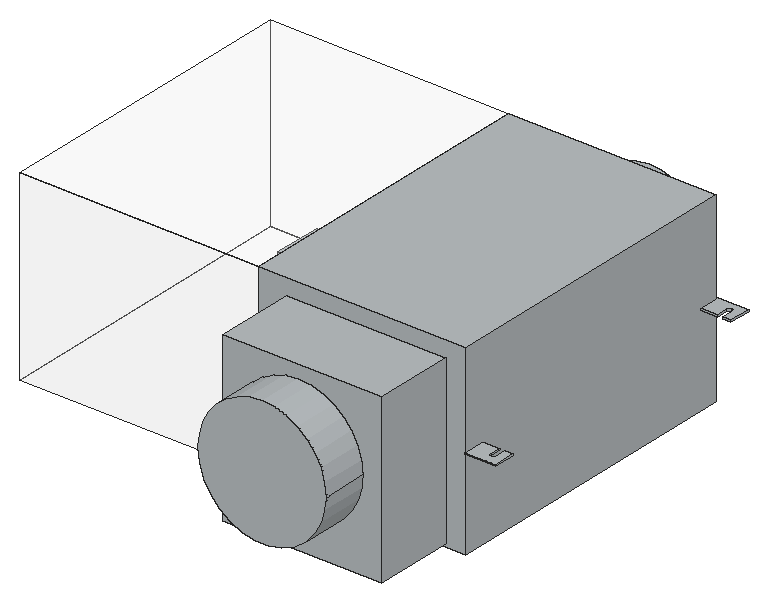
Revit family "10_給気タイプ 消音形 単相100V_3相200V", category 機械設備, Revit 2019
Family settings
  丸型コネクタ寸法 = 直径を使用
  パーツ タイプ = 割り込み
  OmniClass 番号 = 23.75.35.17.27
  OmniClass タイトル = Centrifugal Fans
  作業面ベース = いいえ
  常に垂直 = はい
  ロード時にボイドで切り取り = いいえ
  共有 = いいえ
  部屋計算ポイント = はい
Parameters (values of type "BFS-150STUA")
  騒音レベル(dB(A))_吸込 = 56.5
  騒音レベル(dB(A))_吐出 = 55
  騒音レベル(dB(A))_側面 = 34
  騒音レベル(dB(A)) = 56.5
  風量 [instance] = 設計風量  # 0.0 m³/h
  電源種別 [instance] = "一般"
  電圧 = 200 V
  電動機出力 = 350 W
  電動機_種別 [instance] = ""
  運転質量 = 0.00 kg
  連動 [instance] = ""
  質量 = if(製品質量 > 運転質量, 製品質量, 運転質量) * 1.2  # 28.20 kg
  負荷分類 = 3_ファン類
  説明 = "ストレートシロッコファン給気タイプ消音形"
  設計風量 [instance] = 0.0 m³/h
  設置方法 = "天吊"
  記号 [instance] = ""
  製造元 = "三菱電機株式会社"
  製品質量 = 23.50 kg
  製品出荷対象 = "国内"
  製品リリース年月 = "2020年4月27日"
  製品グループ = ""
  系統 [instance] = ""
  符号 [instance] = if(☑給気／□排気, "FS", "FE")  # "FE"
  積算_科目 = "2 換気設備"
  積算_拾い区分 [instance] = ""
  相 = 3
  盤記号 [instance] = ""
  盤工事区分 = "電気工事"
  発停方法 [instance] = "別売スイッチ"
  番手 = "#1 1/2"
  特殊仕様 [instance] = ""
  火災停止 = ""
  消費電力 = 360 W
  法定耐用年数 = "15"
  機外静圧 [instance] = 0.0 Pa
  極数 = 3
  極 = 4
  材質 [instance] = ""
  本体マテリアル = 溶融亜鉛めっき鋼板
  操作・制御方式 = ""
  操作・制御スイッチ = ""
  排気量 [instance] = if(☑給気／□排気, 0.0 m³/h, 設計風量)  # 0.0 m³/h
  形式 = ""
  形名 = BFS-STUA : BFS-150STUA
  幹線記号 [instance] = ""
  対象室 [instance] = ""
  実風量 = 0.0 m³/h
  始動方式 [instance] = "直入"
  外気量 [instance] = if(☑給気／□排気, 設計風量, 0.0 m³/h)  # 0.0 m³/h
  呼称 = "消音ボックス付送風機"
  周波数 = 50 Hz
  天吊金具ピッチ幅 = 467 mm
  天吊金具ピッチ奥行 = 555 mm
  参照している仕様書等のバージョン = "公共建築工事標準仕様書（機械設備工事編）平成31年度版"
  分類コード = "50052502100020"
  分類グループ = ""
  価格 = 176000
  企業コード = "108420"
  付属品_防振装置 = ""
  付属品 [instance] = ""
  仕様書バージョン = "Version1.0"
  モデル = "BFS-150STUA"
  ファンの種類 = "多翼形"
  ダクト径 = 250 mm
  サービススペース = yes
  コメント [instance] = ""
  Keynote = ""
  ☑給気／□排気 [instance] = no
  Width = 391 mm
  Version = ""
  Uniclass2015Version = "Systems v1.9"
  Uniclass2015Title = "Centrifugal fans"
  Uniclass2015Code = "Pr_65_67_29_12"
  URL = "https://www.mitsubishielectric.co.jp/ldg/wink/ssl/displayProduct.do?pid=306646"
  SpecificationReference = ""
  SpecificationDescription = ""
  Revision = ""
  ProductInformation = ""
  OmniClassCode = "23-33 31 19 13 15"
  MIN風量 = 1200.0 m³/h
  MIN静圧 = 140.0 Pa
  MID風量 = 0.0 m³/h
  MID静圧 = 0.0 Pa
  MAX風量 = 1500.0 m³/h
  MAX静圧 = 215.0 Pa
  M = 85 mm
  IfcTypeProduct = ""
  IfcProduct = ""
  IfcExportType = "CENTRIFUGALFORWARDCURVED"
  IfcExportAs = "IfcFanType"
  Height = 350 mm
  Depth = 590 mm
  Clearance Top = 0 mm  # constant formula
  Clearance Right = 0 mm  # constant formula
  Clearance Left = 450 mm  # constant formula
  Clearance Front = 0 mm  # constant formula
  Clearance Bottom = 0 mm  # constant formula
  Clearance Back = 0 mm  # constant formula
  Author = "三菱電機株式会社"
Types (7, lengths in mm): name | 騒音レベル(dB(A))_吸込 | 騒音レベル(dB(A))_吐出 | 騒音レベル(dB(A))_側面 | 騒音レベル(dB(A)) | 電圧 | 電動機出力 | 質量 | 製品質量 | 符号 | 相 | 番手 | 消費電力 | 極数 | 形名 | 天吊金具ピッチ幅 | 天吊金具ピッチ奥行 | 価格 | モデル | ダクト径 | ☑給気／□排気 | Width | URL | MIN風量 | MIN静圧 | MAX風量 | MAX静圧 | M | Height | Depth
  BFS-40SSUA | 39 | 38 | 19.5 | 39 | 100 V | 35 W | 12.60 kg | 10.50 kg | "FE" | 1 | "#1 1/4" | 70 W | 2 | BFS-SSUA : BFS-40SSUA | 358 | 343 | 86900 | "BFS-40SSUA" | 150 | no | 282 | "https://www.mitsubishielectric.co.jp/ldg/wink/ssl/displayProduct.do?pid=306648" | 245.0 m³/h | 37.0 Pa | 400.0 m³/h | 67.0 Pa | 70 | 255 | 378
  BFS-50SSUA | 43.5 | 40.5 | 21.5 | 43.5 | 100 V | 45 W | 15.00 kg | 12.50 kg | "FS" | 1 | "#1 1/4" | 90 W | 2 | BFS-SSUA : BFS-50SSUA | 401 | 388 | 123000 | "BFS-50SSUA" | 200 | yes | 325 | "https://www.mitsubishielectric.co.jp/ldg/wink/ssl/displayProduct.do?pid=306649" | 430.0 m³/h | 90.0 Pa | 500.0 m³/h | 120.0 Pa | 85 | 255 | 423
  BFS-80SSUA | 49.5 | 44 | 26 | 49.5 | 100 V | 110 W | 19.20 kg | 16.00 kg | "FE" | 1 | "#1 1/4" | 175 W | 2 | BFS-SSUA : BFS-80SSUA | 449 | 428 | 137000 | "BFS-80SSUA" | 200 | no | 373 | "https://www.mitsubishielectric.co.jp/ldg/wink/ssl/displayProduct.do?pid=306650" | 690.0 m³/h | 83.0 Pa | 800.0 m³/h | 115.0 Pa | 85 | 305 | 463
  BFS-100SSUA | 50.5 | 50 | 30.5 | 50.5 | 100 V | 200 W | 21.60 kg | 18.00 kg | "FE" | 1 | "#1 1/2" | 220 W | 2 | BFS-SSUA : BFS-100SSUA | 469 | 453 | 154000 | "BFS-100SSUA" | 200 | no | 393 | "https://www.mitsubishielectric.co.jp/ldg/wink/ssl/displayProduct.do?pid=306644" | 900.0 m³/h | 140.0 Pa | 1000.0 m³/h | 162.0 Pa | 85 | 305 | 488
  BFS-150SSUA | 58.5 | 55 | 34 | 58.5 | 100 V | 300 W | 28.20 kg | 23.50 kg | "FE" | 1 | "#1 1/2" | 385 W | 2 | BFS-SSUA : BFS-150SSUA | 467 | 555 | 176000 | "BFS-150SSUA" | 250 | no | 391 | "https://www.mitsubishielectric.co.jp/ldg/wink/ssl/displayProduct.do?pid=306645" | 1365.0 m³/h | 180.0 Pa | 1500.0 m³/h | 215.0 Pa | 85 | 350 | 590
  BFS-150STUA | 56.5 | 55 | 34 | 56.5 | 200 V | 350 W | 28.20 kg | 23.50 kg | "FE" | 3 | "#1 1/2" | 360 W | 3 | BFS-STUA : BFS-150STUA | 467 | 555 | 176000 | "BFS-150STUA" | 250 | no | 391 | "https://www.mitsubishielectric.co.jp/ldg/wink/ssl/displayProduct.do?pid=306646" | 1200.0 m³/h | 140.0 Pa | 1500.0 m³/h | 215.0 Pa | 85 | 350 | 590
  BFS-210STUA | 63 | 59 | 36 | 63 | 200 V | 490 W | 31.80 kg | 26.50 kg | "FE" | 3 | "#1 1/2" | 535 W | 3 | BFS-STUA : BFS-210STUA | 552 | 610 | 271000 | "BFS-210STUA" | 300 | no | 476 | "https://www.mitsubishielectric.co.jp/ldg/wink/ssl/displayProduct.do?pid=306647" | 0.0 m³/h | 0.0 Pa | 2100.0 m³/h | 200.0 Pa | 100 | 350 | 645
Reference planes
  plane 1 "中心(正面/背面)": y = 0
  plane 2: z = 0
  plane 3 "中心(左/右)": x = 0
  plane 4 "左": x = -195.5
  plane 5 "右": x = 195.5
  plane 6 "背面": y = 295
  plane 7 "正面": y = -295
  plane 8: z = 175
  plane 9: y = 277.5
  plane 10: y = -277.5
  plane 11: x = 233.5
  plane 12: x = -233.5
  plane 13: z = -175
  plane 14: y = 295
  plane 15: y = -295
  plane 16: x = 195.5
  plane 17: x = -645.5
  plane 18: z = 175
  plane 19: z = -175
Dimensions and locks
  "Width": plane 4 "左" to plane 5 "右"
  equal spacing: plane 7 "正面", plane 1 "中心(正面/背面)", plane 6 "背面"
  "Depth": plane 7 "正面" to plane 6 "背面"
  equal spacing: plane 8, level, plane 13
  "Height": plane 8 to plane 13
  "天吊金具ピッチ幅": plane 12 to plane 11
  equal spacing: plane 10, plane 1 "中心(正面/背面)", plane 9
  "天吊金具ピッチ奥行": plane 10 to plane 9
  "Clearance Back": plane 6 "背面" to plane 14
  "Clearance Front": plane 15 to plane 7 "正面"
  "Clearance Left": plane 17 to plane 4 "左"
  "Clearance Right": plane 5 "右" to plane 16
  "Clearance Top": plane 18 to plane 8
  "Clearance Bottom": plane 13 to plane 19
  equal spacing: plane 12, plane 3 "中心(左/右)", plane 11
  equal spacing: plane 4 "左", plane 3 "中心(左/右)", plane 5 "右"
  aligned and locked: level to plane 2
  aligned and locked: nested 2 to plane 9
  aligned and locked: plane 10 to nested 2
  aligned and locked: plane 12 to nested 2
  aligned and locked: plane 11 to nested 2
  aligned and locked: plane 8 to nested 1
  aligned and locked: nested 1 to plane 13
  aligned and locked: plane 17 to nested 3
  aligned and locked: plane 15 to nested 3
  aligned and locked: plane 18 to nested 3
  aligned and locked: plane 19 to nested 3
  aligned and locked: plane 14 to nested 3
  aligned and locked: plane 4 "左" to nested 3
  aligned and locked: plane 1 "中心(正面/背面)" to nested 1
  aligned and locked: nested 1 to plane 3 "中心(左/右)"
Nested families
  nested 1: "BFS-STUA" at (0, 0, -175) x (0, -1, 0) z (0, 0, 1), type <- "形名", type "BFS-150STUA"
  nested 2: "固定点" at (-233.5, -277.5, 0), type "固定点"
    with W 467 mm, D 555 mm
  nested 3: "サービススペース" at (-420.5, 0, 0), visible <- "サービススペース", type "サービススペース"
    with Width 450 mm, Height 350 mm, Depth 590 mm
Connectors
  hvac at (0, -531, 0), driven by "ダクト径", driven by "機外静圧", driven by "風量"
    settings: on nested 1, index 2, duct flow 0.0 m³/h, flow factor 0, pres drop 0.0 Pa, loss coef 0, conn angle 0.00°, conn width 304.8 mm, conn height 304.8 mm, conn diameter 250 mm, duct sys type 29, conn prof type 0, flow config 0, flow direction 2, loss method 4, conn ref index -1, conn util no, is conn primary yes, conn desc "Out"
  hvac at (0, 380, 0), driven by "ダクト径", driven by "機外静圧", driven by "風量"
    settings: on nested 1, index 3, duct flow 0.0 m³/h, flow factor 0, pres drop 0.0 Pa, loss coef 0, conn angle 0.00°, conn width 304.8 mm, conn height 304.8 mm, conn diameter 250 mm, duct sys type 29, conn prof type 0, flow config 0, flow direction 1, loss method 4, conn ref index -1, conn util no, is conn primary no, conn desc "In"
  electrical at (-266.5, -163, 80), driven by "極数", driven by "負荷分類", driven by "電圧", driven by "消費電力"
    settings: on nested 1, index 4, voltage 200 V, apparent load 360 VA, apparent load phase1 0 VA, apparent load phase2 0 VA, apparent load phase3 0 VA, power factor 1, load classification "3_ファン類", number of poles 3, system type 30, power factor state 1, is connector primary yes, connector utility no, sub classification motor no, connector description ""
Definition of nested family "BFS-STUA"
  Parameters (values of type "BFS-150STUA")
    端子カバー高 = 140 mm
    端子カバー手前位置 = 87 mm
    端子カバー幅 = 33 mm
    端子カバー奥行 = 90 mm
    端子カバー上位置 = 25 mm
    吊りボルトW = 555 mm
    吊りボルトD = 467 mm
    マテリアル = none
    ダクトW = 299 mm
    ダクトH = 314 mm
    カバーD = 30 mm
    φ = 242 mm
    h1 = 30 mm
    b = 391 mm
    a = 85 mm
    W2 = 41 mm
    A = 741 mm
    W = 590 mm
    H = 350 mm
    d1 = 39 mm
    D1 = 507 mm
    D = 391 mm
  Types (2, lengths in mm): name | 端子カバー高 | 端子カバー手前位置 | 端子カバー幅 | 端子カバー奥行 | 端子カバー上位置 | 吊りボルトW | 吊りボルトD | ダクトW | ダクトH | φ | h1 | a | A | W | d1 | D1 | D
    BFS-150STUA | 140 | 87 | 33 | 90 | 25 | 555 | 467 | 299 | 314 | 242 | 30 | 85 | 741 | 590 | 39 | 507 | 391
    BFS-210STUA | 132 | 99 | 23 | 82 | 26 | 610 | 552 | 380 | 337 | 292 | 7 | 100 | 816 | 645 | 48 | 592 | 476
  Reference planes
    plane 1 "中心(正面/背面)": y = 0
    plane 2: z = 0
    plane 3 "中心(左/右)": x = 0
    plane 4: y = 195.5
    plane 5: y = 233.5
    plane 6: y = 253.5
    plane 7: y = -195.5
    plane 8: y = -233.5
    plane 9: y = -253.5
    plane 10: x = -295
    plane 11: x = -277.5
    plane 12: x = -298
    plane 13: x = 295
    plane 14: x = 277.5
    plane 15: x = 298
    plane 16: z = 350
    plane 17: x = -183
    plane 18: x = 208
    plane 19: x = 531
    plane 20: x = -380
    plane 21: z = 175
    plane 22: z = 172
    plane 23: z = 134
    plane 24: x = -257
    plane 25: z = 157
    plane 26: x = 257
    plane 27: y = 198.5
    plane 28: x = 118
    plane 29: z = 325
    plane 30: z = 185
    plane 31: y = -228.5
    plane 32: x = 446
    plane 33: y = 156.5
    plane 34: y = -142.5
    plane 35: z = 320
    plane 36: z = 50
    plane 37: z = 6
  Forms (mm)
    Extrusion 1, solid, material <- "マテリアル", detail levels fine
      sketch origin (0, 0, 0) x (1, 0, 0) y (0, 1, 0)
        loop
          line (-295, 195.5) -> (-295, -195.5) -> (295, -195.5) -> (295, 195.5) -> (-295, 195.5)
      from 0 to 350
    Extrusion 2, solid, material <- "マテリアル", detail levels fine
      sketch origin (0, 0, 0) x (1, 0, 0) y (0, 1, 0)
        loop
          line (-298, -195.5) -> (-298, -253.5) -> (-257, -253.5) -> (-257, -239) -> (-277.5, -239)
          arc (-277.5, -239) -> (-283, -233.5) -> (-277.5, -228) r 5.5
          line (-277.5, -228) -> (-257, -228) -> (-257, -195.5) -> (-298, -195.5)
      from 172 to 175
    Extrusion 3, solid, material <- "マテリアル", detail levels fine
      sketch origin (0, 0, 0) x (1, 0, 0) y (0, 1, 0)
        loop
          line (-298, 195.5) -> (-257, 195.5) -> (-257, 228) -> (-277.5, 228)
          arc (-277.5, 228) -> (-283, 233.5) -> (-277.5, 239) r 5.5
          line (-277.5, 239) -> (-257, 239) -> (-257, 253.5) -> (-298, 253.5) -> (-298, 195.5)
      from 172 to 175
    Extrusion 4, solid, material <- "マテリアル", detail levels fine
      sketch origin (0, 0, 0) x (-1, 0, 0) y (0, -1, 0)
        loop
          line (-298, -195.5) -> (-298, -253.5) -> (-257, -253.5) -> (-257, -239) -> (-277.5, -239)
          arc (-277.5, -239) -> (-283, -233.5) -> (-277.5, -228) r 5.5
          line (-277.5, -228) -> (-257, -228) -> (-257, -195.5) -> (-298, -195.5)
      from 172 to 175
    Extrusion 5, solid, material <- "マテリアル", detail levels fine
      sketch origin (0, 0, 0) x (-1, 0, 0) y (0, -1, 0)
        loop
          line (-298, 195.5) -> (-257, 195.5) -> (-257, 228) -> (-277.5, 228)
          arc (-277.5, 228) -> (-283, 233.5) -> (-277.5, 239) r 5.5
          line (-277.5, 239) -> (-257, 239) -> (-257, 253.5) -> (-298, 253.5) -> (-298, 195.5)
      from 172 to 175
    Extrusion 6, solid, material <- "マテリアル", detail levels fine
      sketch origin (0, 0, 0) x (0, 1, 0) y (0, 0, 1)
        loop
          circle (0, 175) r 121
      from -295 to -380
    Extrusion 7, solid, material <- "マテリアル", detail levels fine
      sketch origin (0, 0, 0) x (0, 1, 0) y (0, 0, -1)
        loop
          circle (0, -175) r 121
      from -446 to -531
    Extrusion 8, solid, material <- "マテリアル", detail levels fine
      sketch origin (0, 0, 0) x (1, 0, 0) y (0, 0, 1)
        loop
          line (208, 325) -> (118, 325) -> (118, 185) -> (208, 185) -> (208, 325)
      from 195.5 to 228.5
    Extrusion 9, solid, material <- "マテリアル", detail levels fine
      sketch origin (0, 0, 0) x (0, 1, 0) y (0, 0, 1)
        loop
          line (-142.5, 320) -> (-142.5, 6) -> (156.5, 6) -> (156.5, 320) -> (-142.5, 320)
      from 295 to 446
  Dimensions and locks
    "吊りボルトW": plane 11 to plane 14
    "W": plane 10 to plane 13
    "D1": plane 9 to plane 6
    "吊りボルトD": plane 8 to plane 5
    "D": plane 7 to plane 4
    equal spacing: plane 7, plane 1 "中心(正面/背面)", plane 4
    equal spacing: plane 10, plane 3 "中心(左/右)", plane 13
    "H": plane 16 to level
    locked: plane 13 to plane 15 at 3
    locked: plane 12 to plane 10 at 3
    equal spacing: plane 16, plane 21, level
    locked: plane 21 to plane 22 at 3
    locked: plane 21 to plane 23 at 41
    "W2": plane 12 to plane 24
    locked: plane 22 to plane 25 at 15
    "W2": plane 26 to plane 15
    locked: plane 27 to plane 4 at 3
    "a": plane 20 to plane 10
    "端子カバー手前位置": plane 13 to plane 18
    "b": plane 18 to plane 17
    "端子カバー奥行": plane 18 to plane 28
    "端子カバー高": plane 29 to plane 30
    "端子カバー幅": plane 31 to plane 7
    equal spacing: plane 11, plane 3 "中心(左/右)", plane 14
    equal spacing: plane 9, plane 1 "中心(正面/背面)", plane 6
    equal spacing: plane 8, plane 1 "中心(正面/背面)", plane 5
    "a": plane 32 to plane 19
    "A": plane 10 to plane 32
    "ダクトW": plane 34 to plane 33
    "d1": plane 33 to plane 4
    "ダクトH": plane 35 to plane 37
    "h1": plane 16 to plane 35
    "端子カバー上位置": plane 16 to plane 29
    "φ": diameter of Extrusion 6 sketch curve
    "φ": diameter of Extrusion 7 sketch curve
    aligned and locked: level to plane 2
    aligned and locked: plane 4 to Extrusion 1 sketch curve
    aligned and locked: plane 10 to Extrusion 1 sketch curve
    aligned and locked: Extrusion 1 sketch curve to plane 7
    aligned and locked: Extrusion 1 sketch curve to plane 13
    aligned and locked: plane 16 to Extrusion 1
    aligned and locked: plane 7 to Extrusion 2 sketch curve
    aligned and locked: plane 12 to Extrusion 2 sketch curve
    aligned and locked: Extrusion 2 sketch curve to plane 9
    aligned and locked: Extrusion 2 sketch curve to plane 24  (x2)
    aligned and locked: plane 11 to Extrusion 2 sketch curve
    aligned and locked: plane 8 to Extrusion 2 sketch curve
    aligned and locked: plane 21 to Extrusion 2
    aligned and locked: Extrusion 2 to plane 22
    aligned and locked: plane 24 to Extrusion 3 sketch curve  (x2)
    aligned and locked: plane 5 to Extrusion 3 sketch curve
    aligned and locked: plane 11 to Extrusion 3 sketch curve
    aligned and locked: Extrusion 3 sketch curve to plane 6
    aligned and locked: Extrusion 3 sketch curve to plane 12
    aligned and locked: plane 4 to Extrusion 3 sketch curve
    aligned and locked: plane 21 to Extrusion 3
    aligned and locked: Extrusion 3 to plane 22
    aligned and locked: Extrusion 4 to plane 6
    aligned and locked: plane 15 to Extrusion 4
    aligned and locked: Extrusion 4 to plane 26
    aligned and locked: plane 26 to Extrusion 4 sketch curve  (x2)
    aligned and locked: plane 6 to Extrusion 4 sketch curve
    aligned and locked: Extrusion 4 sketch curve to plane 15
    aligned and locked: plane 5 to Extrusion 4 sketch curve
    aligned and locked: plane 14 to Extrusion 4 sketch curve
    aligned and locked: Extrusion 4 sketch curve to plane 4
    aligned and locked: Extrusion 4 to plane 22
    aligned and locked: plane 21 to Extrusion 4
    aligned and locked: plane 9 to Extrusion 5 sketch curve
    aligned and locked: plane 15 to Extrusion 5 sketch curve
    aligned and locked: Extrusion 5 sketch curve to plane 7
    aligned and locked: Extrusion 5 sketch curve to plane 26  (x2)
    aligned and locked: plane 14 to Extrusion 5 sketch curve
    aligned and locked: plane 8 to Extrusion 5 sketch curve
    aligned and locked: Extrusion 5 to plane 22
    aligned and locked: plane 21 to Extrusion 5
    aligned and locked: plane 1 "中心(正面/背面)" to Extrusion 6 sketch curve
    aligned and locked: plane 21 to Extrusion 6 sketch curve
    aligned and locked: Extrusion 6 to plane 20
    aligned and locked: plane 21 to Extrusion 7 sketch curve
    aligned and locked: plane 1 "中心(正面/背面)" to Extrusion 7 sketch curve
    aligned and locked: plane 19 to Extrusion 7
    aligned and locked: plane 29 to Extrusion 8 sketch curve
    aligned and locked: plane 18 to Extrusion 8 sketch curve
    aligned and locked: Extrusion 8 sketch curve to plane 30
    aligned and locked: Extrusion 8 sketch curve to plane 28
    aligned and locked: Extrusion 8 to plane 7
    aligned and locked: Extrusion 9 sketch curve to plane 35
    aligned and locked: Extrusion 9 sketch curve to plane 34
    aligned and locked: plane 33 to Extrusion 9 sketch curve
    aligned and locked: plane 37 to Extrusion 9 sketch curve
    aligned and locked: plane 32 to Extrusion 9
    aligned and locked: Extrusion 9 to plane 13
    aligned and locked: plane 10 to Extrusion 6
    aligned and locked: Extrusion 7 to plane 32
    aligned and locked: plane 31 to Extrusion 8
  Automatic sketch dimensions
    Extrusion 2 sketch curve to plane 11 = 0 mm
    plane 8 to Extrusion 2 sketch curve = 5.5 mm
    Extrusion 3 sketch curve to plane 11 = 0 mm
    plane 5 to Extrusion 3 sketch curve = 5.5 mm
    Extrusion 4 sketch curve to plane 14 = 0 mm
    Extrusion 4 sketch curve to plane 5 = 5.5 mm
    Extrusion 5 sketch curve to plane 14 = 0 mm
    Extrusion 5 sketch curve to plane 8 = 5.5 mm
Definition of nested family "サービススペース"
  Parameters (values of type "サービススペース")
    Width [instance] = 500 mm
    Height [instance] = 500 mm
    Depth [instance] = 500 mm
  Reference planes
    plane 1 "中心(正面/背面)": y = 0
    plane 2: z = 0
    plane 3 "中心(左/右)": x = 0
    plane 4: y = -250
    plane 5: x = 250
    plane 6: y = 250
    plane 7: x = -250
    plane 8: z = 250
    plane 9: z = -250
  Forms (mm)
    Extrusion 1, solid
      sketch origin (-638.939, 0, 72.39) x (1, 0, 0) y (0, 1, 0)
        loop
          line (388.939, 250) -> (388.939, -250) -> (888.939, -250) -> (888.939, 250) -> (388.939, 250)
      from -322.39 to 177.61
  Lines and regions (mm)
    symbolic lines
      curve 1: line (-250, 0, 250) -> (250, 0, 250)
      curve 2: line (-250, 0, -250) -> (-250, 0, 250)
      curve 3: line (250, 0, -250) -> (-250, 0, -250)
      curve 4: line (250, 0, 250) -> (250, 0, -250)
      curve 5: line (0, -250, 250) -> (0, 250, 250)
      curve 6: line (0, -250, -250) -> (0, -250, 250)
      curve 7: line (0, 250, -250) -> (0, -250, -250)
      curve 8: line (0, 250, 250) -> (0, 250, -250)
      curve 9: line (-250, 250, 0) -> (250, 250, 0)
      curve 10: line (-250, -250, 0) -> (-250, 250, 0)
      curve 11: line (250, -250, 0) -> (-250, -250, 0)
      curve 12: line (250, 250, 0) -> (250, -250, 0)
  Dimensions and locks
    equal spacing: plane 7, plane 3 "中心(左/右)", plane 5
    equal spacing: plane 4, plane 1 "中心(正面/背面)", plane 6
    "Depth": plane 4 to plane 6
    "Width": plane 7 to plane 5
    equal spacing: plane 8, plane 2, plane 9
    "Height": plane 8 to plane 9
    aligned and locked: plane 9 to curve 3
    aligned and locked: plane 7 to curve 2
    aligned and locked: curve 4 to plane 5
    aligned and locked: plane 5 to Extrusion 1
    aligned and locked: Extrusion 1 to plane 7
    aligned and locked: Extrusion 1 to plane 9
    aligned and locked: plane 8 to Extrusion 1
    aligned and locked: plane 9 to curve 7
  Automatic sketch dimensions
    plane 4 to Extrusion 1 sketch curve = 0 mm
    Extrusion 1 sketch curve to plane 7 = 0 mm
    Extrusion 1 sketch curve to plane 5 = 0 mm
    plane 6 to Extrusion 1 sketch curve = 0 mm
    curve 2 to plane 8 = 0 mm
    plane 4 to curve 11 = 0 mm
    curve 11 to plane 7 = 0 mm
    curve 11 to plane 5 = 0 mm
    plane 6 to curve 10 = 0 mm
    curve 7 to plane 4 = 0 mm
    curve 7 to plane 6 = 0 mm
    curve 6 to plane 8 = 0 mm
Definition of nested family "固定点"
  Parameters (values of type "固定点")
    中心円 = 11 mm
    W [instance] = 1000 mm
    D [instance] = 1000 mm
  Reference planes
    plane 1 "中心(正面/背面)": y = 0
    plane 2: z = 0
    plane 3 "中心(左/右)": x = 0
    plane 4: x = 1000
    plane 5: y = 1000
  Lines and regions (mm)
    symbolic lines, detail levels fine
      curve 1: circle (0, 1000, 0) r 5.5 normal (0, 0, 1)
      curve 2: circle (0, 0, 0) r 5.5 normal (0, 0, 1)
      curve 3: circle (1000, 1000, 0) r 5.5 normal (0, 0, 1)
      curve 4: circle (1000, 0, 0) r 5.5 normal (0, 0, 1)
      curve 5: line (-200, 1000, 0) -> (1200, 1000, 0)
      curve 6: line (-200, 0, 0) -> (1200, 0, 0)
      curve 7: line (0, 1200, 0) -> (0, -200, 0)
      curve 8: line (1000, 1200, 0) -> (1000, -200, 0)
  Dimensions and locks
    "W": plane 3 "中心(左/右)" to plane 4
    "D": plane 1 "中心(正面/背面)" to plane 5
    "中心円": diameter of curve 1
    "中心円": diameter of curve 2
    "中心円": diameter of curve 3
    "中心円": diameter of curve 4
    aligned and locked: level to plane 2
    aligned and locked: plane 5 to curve 1
    aligned and locked: plane 3 "中心(左/右)" to curve 1
    aligned and locked: plane 3 "中心(左/右)" to curve 2
    aligned and locked: plane 1 "中心(正面/背面)" to curve 2
    aligned and locked: plane 4 to curve 3
    aligned and locked: plane 5 to curve 3
    aligned and locked: plane 1 "中心(正面/背面)" to curve 4
    aligned and locked: plane 4 to curve 4
    aligned and locked: plane 1 "中心(正面/背面)" to curve 6
    aligned and locked: curve 7 to plane 3 "中心(左/右)"
    aligned and locked: curve 8 to plane 4
  Automatic sketch dimensions
    curve 5 to plane 5 = 0 mm
    curve 6 to plane 3 "中心(左/右)" = 200 mm
    curve 5 to plane 3 "中心(左/右)" = 200 mm
    curve 4 to curve 6 = 200 mm
    curve 3 to curve 5 = 200 mm
    plane 1 "中心(正面/背面)" to curve 8 = 200 mm
    plane 1 "中心(正面/背面)" to curve 7 = 200 mm
    curve 3 to curve 8 = 200 mm
    curve 1 to curve 7 = 200 mm
